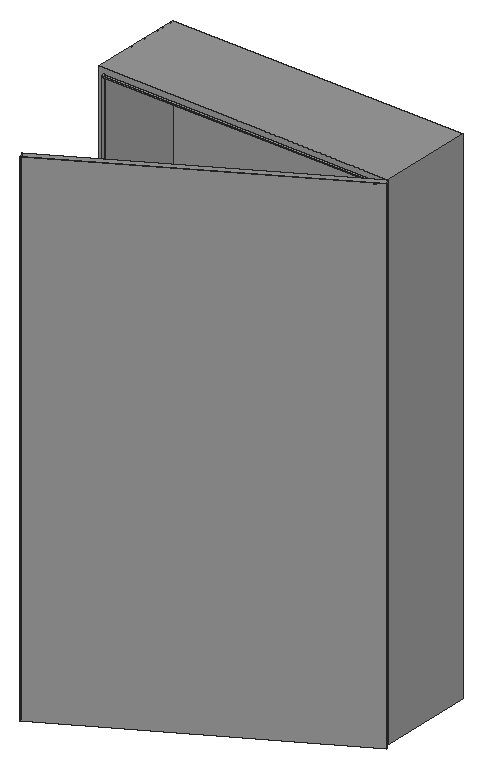
Revit family "Hager-Univers-IP55-D275-H1400-Cl.I-Steel_encl-NoHosted-NL-en", category Equipement électrique, Revit 2020
Family settings
  Configuration du panneau = Deux colonnes, circuits au sein
  Cote de connecteur circulaire = Utiliser le diamètre
  Type d'élément = Tableau de raccordement
  Basée sur le plan de construction = Oui
  Toujours verticalement = Oui
  Couper avec des vides une fois chargée = Non
  Partagée = Non
  Point de calcul de pièce = Non
Parameters (values of type "Surface mounted (plaster) IP55 W800 H1400 D275  - FR93E")
  Width Control [instance] = if([EF000008 - Width] > Min Width, [EF000008 - Width], Min Width)  # 800 mm
  Commentaires du type = [HG000003 - Range]  # "Univers"
  Thickness Door [instance] = if([EF009171 - Material plate thickness door/cover] > 3 mm, 3 mm, [EF009171 - Material plate thickness door/cover])  # 1.5 mm
  Seal Frame Offset [instance] = 17 mm  # constant formula
  Plinth Visibility [instance] = [HG000027 - Plinth height] > 0 mm  # no
  Min Width [instance] = 100 mm  # constant formula
  Min Depth [instance] = (2 * [EF009170 - Material plate thickness cabinet]) + 1 mm  # 4 mm
  Min Height [instance] = 100 mm  # constant formula
  Internal Frame Depth [instance] = (Door System Depth * 0.5)  # 9 mm
  Panel Name [instance] = ""  # (empty or 0)
  Model = ""
  HG000027 - Plinth height = 0 mm
  HG000026 - Floor standing = no
  HG000024 - Bottom section height = 600 mm
  HG000023 - Double section enclosure = no
  HG000016 - Door 3d visibility [instance] = yes
  HG000015 - Clearance visibility [instance] = no
  HG000014 - Door on the right [instance] = yes
  HG000013 - Door on the left [instance] = not([HG000014 - Door on the right])  # no
  HG000012 - Door swing angle [instance] = 30.00°
  HG000010 - Asymmetric doors = no
  HG000009 - Double swing door = no
  HG000006 - Flush mounted = no
  HG000004 - Manufacturer reference = "FR93E"
  HG000003 - Range = "Univers"
  HG000002 - With door or cover = yes
  Frame Offset Bottom [instance] = 10 mm  # constant formula
  Frame Offset [instance] = 15 mm  # constant formula
  EF015940 - Cover with overpressure release = no
  EF011959 - Degree of protection (NEMA) = ""
  EF009554 - Number of openings for flange plates = 6
  EF009212 - Cover model = "EV000116 - Closed"
  EF009171 - Material plate thickness door/cover = 1.5 mm
  EF009170 - Material plate thickness cabinet = 1.5 mm
  EF008873 - Nominal current (In) = 800 A
  EF007800 - Suitable for lightning protection = no
  EF006306 - With lock = no
  EF006244 - Transparent cover/door = no
  EF005474 - Degree of protection (IP) = "EV006420 - IP55"
  EF004464 - Type of door = "EV002646 - Single"
  EF004427 - Number of modules = 324
  EF004293 - Impact strength = "EV008784 - IK10"
  EF003532 - Suitable for outdoor use = no
  EF002950 - Width in number of modular spacings = 24
  EF001613 - Circuit integrity = "EV000494 - None"
  EF001596 - Material housing = "EV000179 - Steel"
  EF001131 - Internal depth = 275 mm
  EF001088 - Extension possible = yes
  EF000437 - Number of conduit inlets = 6
  EF000339 - Type of cover = "EV004216 - Door"
  EF000266 - Number of rows = 9
  EF000218 - Built-in depth = 0 mm
  EF000118 - With mounting plate = no
  EF000116 - RAL-number = "7035"
  EF000049 - Depth = 275 mm
  EF000040 - Height = 1400 mm
  EF000008 - Width = 800 mm
  EF000007 - Colour = "EV000270 - Grey"
  EF000003 - Mounting method = "EV000384 - Surface mounted (plaster)"
  Door System Leaf Tolerance [instance] = 1.5 mm  # constant formula
  Door System Depth [instance] = 18 mm  # constant formula
  Door Height [instance] = Height Control - [HG000027 - Plinth height]  # 1400 mm
  Description = ""
  Default Elevation = 1219.2 mm
  Connector Offset [instance] = Height Control / 2  # 700 mm
  Fabricant = "Hager"  # constant formula
  Height Control [instance] = if([EF000040 - Height] > Min Height, [EF000040 - Height], Min Height)  # 1400 mm
  Depth Control [instance] = if([EF000049 - Depth] > Min Depth, [EF000049 - Depth], Min Depth)  # 275 mm
  Bottom Top Plate Trim [instance] = 1.5 mm  # constant formula
  Plinth height Ctrl [instance] = if([HG000027 - Plinth height] > 0 mm, [HG000027 - Plinth height], 12 mm)  # 12 mm
Types (5, lengths in mm): name | Width Control | HG000010 - Asymmetric doors | HG000009 - Double swing door | HG000004 - Manufacturer reference | EF009554 - Number of openings for flange plates | EF004464 - Type of door | EF004427 - Number of modules | EF000437 - Number of conduit inlets | EF000008 - Width
  Surface mounted (plaster) IP55 W1050 H1400 D275  - FR94E | 1050 | no | yes | "FR94E" | 8 | "EV003602 - Double" | 432 | 8 | 1050
  Surface mounted (plaster) IP55 W1300 H1400 D275  - FR95E | 1300 | yes | yes | "FR95E" | 10 | "EV003602 - Double" | 540 | 10 | 1300
  Surface mounted (plaster) IP55 W300 H1400 D275  - FR91E | 300 | no | no | "FR91E" | 2 | "EV002646 - Single" | 108 | 2 | 300
  Surface mounted (plaster) IP55 W550 H1400 D275  - FR92E | 550 | no | no | "FR92E" | 4 | "EV002646 - Single" | 216 | 4 | 550
  Surface mounted (plaster) IP55 W800 H1400 D275  - FR93E | 800 | no | no | "FR93E" | 6 | "EV002646 - Single" | 324 | 6 | 800
Reference planes
  plane 1 "Center (Front/Back)": y = 0
  plane 2: z = 0
  plane 3 "Center (Left/Right)": x = 0
  plane 4: y = 0
  plane 5: y = 0
  plane 6: z = 0
  plane 7: x = -400
  plane 8: x = 400
  plane 9: x = 398.5
  plane 10: x = -398.5
  plane 11: z = 0
  plane 12: z = 1.5
  plane 13: y = -275
  plane 14: y = -1.5
  plane 15: x = 0
  plane 16: y = -257
  plane 17: y = -273.5
  plane 18: y = -255.5
  plane 19: x = -383.5
  plane 20: x = 383.5
  plane 21: z = 11.5
  plane 22: x = -383
  plane 23: x = 383
  plane 24: z = 0
  plane 25: z = 1400
  plane 26: z = 1400
  plane 27: z = 1383.5
  plane 28: z = 1398.5
Forms (mm)
  Extrusion 1, solid, material "Hager_Steel_RAL7035_Light_Grey", detail levels medium+fine
    sketch origin (-208.679, -4572, 0) x (-1, 0, 0) y (0, -1, 0)
      loop
        line (191.321, -4315) -> (-608.679, -4315) -> (-608.679, -4572) -> (191.321, -4572) -> (191.321, -4315)
    from 0 to 1400
  Extrusion 2, void
    sketch origin (-350.771, -275, 1219.2) x (1, 0, 0) y (0, 0, 1)
      loop
        line (-47.729, 179.3) -> (-47.729, -1217.7) -> (749.271, -1217.7) -> (749.271, 179.3) -> (-47.729, 179.3)
    from -19.5 to -273.5
  Extrusion 3, void
    sketch origin (-290.084, -257, 1219.2) x (1, 0, 0) y (0, 0, 1)
      loop
        line (-93.416, -1207.7) -> (673.584, -1207.7) -> (673.584, 164.3) -> (-93.416, 164.3) -> (-93.416, -1207.7)
    from 0 to -1.5
  Extrusion 4, solid, material "Hager_Steel_RAL7035_Light_Grey", visible <- "Plinth Visibility", detail levels medium+fine
    sketch origin (0, 0, 0) x (1, 0, 0) y (0, 1, 0)
      loop
        line (-400, 0) -> (-400, -257) -> (400, -257) -> (400, 0) -> (-400, 0)
    from 0 to 12 <- "Plinth height Ctrl"
  Extrusion 5, solid, material "Hager_Steel_RAL7035_Light_Grey", detail levels coarse
    sketch origin (0, 0, 0) x (1, 0, 0) y (0, 1, 0)
      loop
        line (-400, 0) -> (-400, -275) -> (400, -275) -> (400, 0) -> (-400, 0)
    from 0 to 1400 <- "Height Control"
  Sweep 6, void
    path in 3D
      loop
        line (-400, -257, 12) -> (400, -257, 12) -> (400, 0, 12) -> (-400, 0, 12) -> (-400, -257, 12)
    profile origin (-400, -128.5, 12) x (1, 0, 0) y (0, 0, 1)
      loop
        line (0, 0) -> (0, -1.5) -> (1.5, -1.5)
        arc (1.5, -1.5) -> (1.061, -0.439) -> (0, 0) r 1.5
  Extrusion 7, solid, material "Hager_Steel_RAL7035_Light_Grey", detail levels fine
    sketch origin (-400, -257, 0) x (1, 0, 0) y (0, 0, 1)
      loop
        line (16.5, 11.5) -> (783.5, 11.5) -> (783.5, 1383.5) -> (16.5, 1383.5) -> (16.5, 11.5)
      loop
        line (15, 10) -> (785, 10) -> (785, 1385) -> (15, 1385) -> (15, 10)
    from 0 to 9 <- "Internal Frame Depth"
Cuts and joins
  Extrusion 2, Extrusion 3 cuts Extrusion 1
  Sweep 6 cuts Extrusion 4
Lines and regions (mm)
  Masking region 1
    outline origin (0, 0, 0) x (1, 0, 0) y (0, 1, 0)
      loop
        line (-400, 0) -> (-400, -275) -> (400, -275) -> (400, 0) -> (-400, 0)
  Masking region 2, detail levels coarse
    outline origin (-290.084, -257, 1219.2) x (-1, 0, 0) y (0, 0, 1)
      loop
        line (-690.084, -1219.2) -> (109.916, -1219.2) -> (109.916, 180.8) -> (-690.084, 180.8) -> (-690.084, -1219.2)
  Masking region 3, detail levels coarse
    outline origin (0, 0, 0) x (0, 1, 0) y (0, 0, 1)
      loop
        line (0, 0) -> (0, 1400) -> (-275, 1400) -> (-275, 0) -> (0, 0)
  Masking region 4, visible <- "Plinth Visibility", detail levels medium+fine
    outline origin (0, 0, 0) x (0, 1, 0) y (0, 0, 1)
      loop
        line (-1.5, 12) -> (-255.5, 12)
        arc (-255.5, 12) -> (-255.939, 10.939) -> (-257, 10.5) r 1.5
        line (-257, 10.5) -> (-257, 0) -> (0, 0) -> (0, 10.5)
        arc (0, 10.5) -> (-1.061, 10.939) -> (-1.5, 12) r 1.5
  Masking region 5, detail levels medium+fine
    outline origin (0, 0, 594.038) x (0, 1, 0) y (0, 0, 1)
      loop
        line (0, -594.038) -> (0, 805.962) -> (-257, 805.962) -> (-257, -594.038) -> (0, -594.038)
  Masking region 6, detail levels medium+fine
    outline origin (-359.7, -257, 1211.883) x (-1, 0, 0) y (0, 0, 1)
      loop
        line (-759.7, -1211.883) -> (40.3, -1211.883) -> (40.3, 188.117) -> (-759.7, 188.117) -> (-759.7, -1211.883)
  Masking region 7, visible <- "Plinth Visibility", detail levels medium+fine
    outline origin (-320.334, -257, 1041.368) x (-1, 0, 0) y (0, 0, 1)
      loop
        line (-720.334, -1041.368) -> (79.666, -1041.368) -> (79.666, -1030.868)
        arc (79.666, -1030.868) -> (78.606, -1030.429) -> (78.166, -1029.368) r 1.5
        line (78.166, -1029.368) -> (-718.834, -1029.368)
        arc (-718.834, -1029.368) -> (-719.273, -1030.429) -> (-720.334, -1030.868) r 1.5
        line (-720.334, -1030.868) -> (-720.334, -1041.368)
  sketch lines
    curve 1: line (-400, 0, 12) -> (-400, -257, 12)
    curve 2: line (-400, -257, 12) -> (400, -257, 12)
    curve 3: line (400, 0, 12) -> (-400, 0, 12)
    curve 4: line (400, -257, 12) -> (400, 0, 12)
Dimensions and locks
  locked: plane 1 "Center (Front/Back)" to plane 5
  "EF009170 - Material plate thickness cabinet": plane 7 to plane 10
  "EF009170 - Material plate thickness cabinet": plane 8 to plane 9
  equal spacing: plane 7, plane 3 "Center (Left/Right)", plane 8
  "Width Control": plane 7 to plane 8
  "Depth Control": plane 4 to plane 13
  "EF009170 - Material plate thickness cabinet": plane 4 to plane 14
  "Height Control": plane 25 to level
  "HG000027 - Plinth height": plane 11 to level
  "EF009170 - Material plate thickness cabinet": plane 12 to plane 11
  "EF009170 - Material plate thickness cabinet": plane 17 to plane 13
  "EF009170 - Material plate thickness cabinet": plane 18 to plane 16
  "Frame Offset Bottom": plane 21 to plane 12
  "Frame Offset": plane 10 to plane 19
  "Frame Offset": plane 9 to plane 20
  "Door System Depth": plane 16 to plane 13
  "Seal Frame Offset": plane 7 to plane 22
  "Seal Frame Offset": plane 8 to plane 23
  "EF009170 - Material plate thickness cabinet": plane 26 to plane 28
  "Frame Offset": plane 28 to plane 27
  "Connector Offset": plane 2 to connector elem
  "Bottom Top Plate Trim": profile plane to Sweep 6 sketch curve
  "Bottom Top Plate Trim": Sweep 6 sketch curve to Sweep 6 sketch curve
  "Plinth height Ctrl": Masking region 4 sketch curve to level
  "Plinth height Ctrl": Masking region 7 sketch curve to level
  "Thickness Door": Extrusion 7 sketch curve to Extrusion 7 sketch curve  (x4)
  "Bottom Top Plate Trim": radius of Sweep 6 sketch curve
  "Bottom Top Plate Trim": radius of Masking region 4 sketch curve  (x2)
  "Bottom Top Plate Trim": radius of Masking region 7 sketch curve  (x2)
  aligned and locked: Extrusion 2 sketch curve to plane 12
  aligned and locked: Extrusion 2 sketch curve to plane 9
  aligned and locked: Extrusion 2 sketch curve to plane 10
  aligned and locked: Extrusion 2 to plane 14
  aligned and locked: Extrusion 1 sketch curve to plane 4
  aligned and locked: plane 8 to Extrusion 1 sketch curve
  aligned and locked: plane 7 to Extrusion 1 sketch curve
  aligned and locked: Extrusion 2 to plane 18
  aligned and locked: Extrusion 3 sketch curve to plane 19
  aligned and locked: plane 20 to Extrusion 3 sketch curve
  aligned and locked: Extrusion 3 to Extrusion 2
  aligned and locked: Extrusion 3 sketch curve to plane 21
  aligned and locked: plane 3 "Center (Left/Right)" to nested 1
  aligned and locked: Extrusion 1 sketch curve to plane 16
  aligned and locked: Extrusion 4 sketch curve to cut or joined group of Extrusion 1, Extrusion 2, Extrusion 3
  aligned and locked: Masking region 1 sketch curve to plane 7
  aligned and locked: Masking region 1 sketch curve to plane 5
  aligned and locked: Masking region 1 sketch curve to plane 8
  aligned and locked: Masking region 2 sketch curve to level
  aligned and locked: level to Masking region 3 sketch curve
  aligned and locked: plane 1 "Center (Front/Back)" to Masking region 3 sketch curve
  aligned and locked: plane 13 to Masking region 3 sketch curve
  aligned and locked: plane 5 to Masking region 4 sketch curve
  aligned and locked: Masking region 2 sketch curve to plane 8
  aligned and locked: Masking region 2 sketch curve to plane 7
  aligned and locked: plane 7 to nested 2
  aligned and locked: nested 2 to plane 5
  aligned and locked: plane 5 to Masking region 5 sketch curve
  aligned and locked: plane 26 to Masking region 5 sketch curve
  aligned and locked: Extrusion 5 sketch curve to plane 8
  aligned and locked: Extrusion 5 sketch curve to plane 7
  aligned and locked: Extrusion 5 sketch curve to plane 5
  aligned and locked: Extrusion 3 sketch curve to plane 27
  aligned and locked: Extrusion 2 sketch curve to plane 28
  aligned and locked: Masking region 2 to plane 25
  aligned and locked: Extrusion 4 to plane 16
  aligned and locked: profile plane to Sweep 6 sketch curve
  aligned and locked: Masking region 5 sketch curve to plane 24
  aligned and locked: level to Masking region 4 sketch curve
  aligned and locked: Masking region 1 to plane 13
  aligned and locked: nested 1 to plane 16
  aligned and locked: Masking region 3 to plane 25
  aligned and locked: plane 16 to Masking region 4 sketch curve
  aligned and locked: Masking region 5 sketch curve to plane 16
  aligned and locked: plane 24 to plane 11
  aligned and locked: plane 26 to plane 25
  aligned and locked: plane 26 to cut or joined group of Extrusion 1, Extrusion 2, Extrusion 3
  aligned and locked: nested 1 to plane 24
  aligned and locked: Extrusion 1 to Extrusion 3
  aligned and locked: Masking region 6 sketch curve to plane 8
  aligned and locked: Masking region 6 sketch curve to plane 24
  aligned and locked: Masking region 6 sketch curve to plane 7
  aligned and locked: Masking region 6 sketch curve to plane 26
  aligned and locked: Masking region 7 sketch curve to plane 7
  aligned and locked: level to Masking region 7 sketch curve
  aligned and locked: Masking region 7 sketch curve to plane 8
  aligned and locked: Extrusion 7 sketch curve to cut or joined group of Extrusion 1, Extrusion 2, Extrusion 3  (x4)
Automatic sketch dimensions
  plane 19 to Extrusion 3 sketch curve = 0 mm
  Extrusion 3 sketch curve to plane 20 = 0 mm
  Extrusion 3 sketch curve to plane 21 = 0 mm
  Extrusion 4 sketch curve to plane 7 = 0 mm
  Extrusion 4 sketch curve to plane 8 = 0 mm
  Extrusion 4 sketch curve to plane 16 = 0 mm
  Masking region 1 sketch curve to plane 13 = 0 mm
  Masking region 2 sketch curve to plane 25 = 0 mm
  Masking region 3 sketch curve to plane 25 = 0 mm
  Extrusion 5 sketch curve to plane 13 = 0 mm
  profile plane to Sweep 6 sketch curve = 0 mm
Nested families
  nested 1: "EC000058_Univers_Door" at (0, -257, 0), Double <- "HG000009 - Double swing door", Transparent <- "EF006244 - Transparent cover/door", Angle <- "HG000012 - Door swing angle", Door_Right <- "HG000014 - Door on the right", Assymetrical <- "HG000010 - Asymmetric doors", Door <- "HG000002 - With door or cover", Width_Ctrl <- "Width Control", 3d_Door <- "HG000016 - Door 3d visibility", Clearance <- "HG000015 - Clearance visibility", Door_Left <- "HG000013 - Door on the left", Width <- "Width Control", Door_Depth <- "Door System Depth", Leaf_Tolerance <- "Door System Leaf Tolerance", Height <- "Door Height", Lock_Visibility <- "EF006306 - With lock", Thickness <- "Thickness Door", type "EC000058_Univers_Door", detail levels medium+fine
    with min_wh 4 mm, Width_Ctrl 800 mm, Width 800 mm, Transparent no, Thickness 1.5 mm, Seal_Material Hager_Rubber, Lock_Visibility no, Lock_Material Hager_Plastic_RAL9005_Jet_Black, Leaf_Width 800 mm, Leaf_Tolerance_External_Sides 0 mm, Leaf_Tolerance 1.5 mm, Leaf_Offset 0 mm, Leaf_Height 1397 mm, Leaf_2_Width 800 mm, Leaf_2_Offset 400 mm, Leaf_1_Width 800 mm, Leaf_1_Offset 400 mm, Height_Ctrl 1400 mm, Height 1400 mm, Glass_Material Hager_Glass, Double_Clearance_Ctrl no, Double no, Door_Right_Ctrl yes, Door_Right yes, Door_Material Hager_Steel_RAL7035_Light_Grey, Door_Left_Ctrl no, Door_Left no, Door_Depth 18 mm, Door yes, Clearance_Material Hager_Clearance, Clearance_Depth 800 mm, Clearance_Ctrl no, Clearance no, Assymetrical no, Angle 30.00°, 3d_Door yes
  nested 2: "Hager_Enclosure_Symbol" at (-400, 0, 0), Height <- "Depth Control", Width <- "Width Control", type "Hager_Enclosure_Symbol"
    with Width_Ctrl 800 mm, Width 800 mm, Height_Ctrl 275 mm, Height 275 mm, A_Width_Int 18.047 mm, A_Width 216.562 mm, A_Height_Ctrl 240.625 mm, A_Height 240.625 mm
Connectors
  electrical at (0, 0, 700)
    settings: on plane 1 "Center (Front/Back)", index 1, voltage 0 V, apparent load 0 VA, apparent load phase1 0 VA, apparent load phase2 0 VA, apparent load phase3 0 VA, power factor 1, load classification "Other", number of poles 1, system type 30, power factor state 1, is connector primary yes, connector utility no, sub classification motor no, connector description ""
Definition of nested family "EC000058_Univers_Door"
  Parameters (values of type "EC000058_Univers_Door")
    min_wh [instance] = (2 * Thickness) + 1 mm  # 11 mm
    Width_Ctrl [instance] = 400 mm
    Width [instance] = 500 mm
    Transparent [instance] = yes
    Thickness [instance] = 5 mm
    Seal_Material [instance] = none
    Lock_Visibility [instance] = yes
    Lock_Material [instance] = none
    Leaf_Width [instance] = if((Width_Ctrl - 2 * Leaf_Tolerance_External_Sides) > 0 mm, (Width_Ctrl - 2 * Leaf_Tolerance_External_Sides), min_wh)  # 400 mm
    Leaf_Tolerance_External_Sides [instance] = 0 mm  # constant formula
    Leaf_Tolerance [instance] = 1.5 mm
    Leaf_Offset [instance] = 0 mm  # constant formula
    Leaf_Height [instance] = if((Height_Ctrl - 2 * Leaf_Tolerance) > 0 mm, (Height_Ctrl - 2 * Leaf_Tolerance), min_wh)  # 497 mm
    Leaf_2_Width [instance] = if(and(and(Double, Assymetrical), Door_Left), (Leaf_Width / 3) - (Leaf_Tolerance / 2), if(and(and(Double, Assymetrical), Door_Right), (Leaf_Width / 3) * 2 - (Leaf_Tolerance / 2), if(and(Double, not(Assymetrical)), (Leaf_Width / 2) - Leaf_Tolerance, Leaf_Width)))  # 400 mm
    Leaf_2_Offset [instance] = if(and(Double, Assymetrical), Leaf_2_Width / 2, if(and(Double, not(Assymetrical)), Leaf_Width / 4, Leaf_Width / 2))  # 200 mm
    Leaf_1_Width [instance] = if(and(and(Double, Assymetrical), Door_Right), (Leaf_Width / 3) - (Leaf_Tolerance / 2), if(and(and(Double, Assymetrical), Door_Left), (Width / 3) * 2 - (Leaf_Tolerance / 2), if(and(Double, not(Assymetrical)), (Leaf_Width / 2) - Leaf_Tolerance, Leaf_Width)))  # 400 mm
    Leaf_1_Offset [instance] = if(and(Double, Assymetrical), Leaf_1_Width / 2, if(and(Double, not(Assymetrical)), Leaf_Width / 4, Leaf_Width / 2))  # 200 mm
    Height_Ctrl [instance] = if(Height > min_wh, Height, min_wh)  # 500 mm
    Height [instance] = 500 mm
    Glass_Material [instance] = none
    Double_Clearance_Ctrl [instance] = and(Double, Clearance)  # no
    Double [instance] = no
    Door_Right_Ctrl [instance] = and(or(Door_Right, Double), Door)  # yes
    Door_Right [instance] = yes
    Door_Material [instance] = none
    Door_Left_Ctrl [instance] = and(or(Door_Left, Double), Door)  # no
    Door_Left [instance] = no
    Door_Depth [instance] = 30 mm
    Door [instance] = yes
    Default Elevation = 1219.2 mm
    Clearance_Material [instance] = none
    Clearance_Depth [instance] = if(Leaf_1_Width > Leaf_2_Width, Leaf_1_Width, Leaf_2_Width)  # 400 mm
    Clearance_Ctrl [instance] = and(not(Double), Clearance)  # yes
    Clearance [instance] = yes
    Assymetrical [instance] = yes
    Angle [instance] = 30.00°
    3d_Door [instance] = yes
  Reference planes
    plane 1 "Center (Front/Back)": y = 0
    plane 2 "Bottom": z = 0
    plane 3 "Center (Left/Right)": x = 0
    plane 4: z = 500
    plane 5: x = -200
    plane 6: x = 200
    plane 7: z = 500
    plane 8: x = -200
    plane 9: z = 0
    plane 10: x = 200
    plane 11: y = 0
    plane 12: z = 1.5
    plane 13: x = -600
    plane 14: y = -400
    plane 15: x = 600
    plane 16: x = 0
    plane 17: x = 0
    plane 18: x = -200
    plane 19: x = 200
    plane 20: z = 498.5
  Forms (mm)
    Extrusion 1, solid, material <- "Clearance_Material", visible <- "Double_Clearance_Ctrl"
      sketch origin (1200, 0, 0) x (1, 0, 0) y (0, 0, -1)
        loop
          line (-1800, -498.5) -> (-600, -498.5) -> (-600, 0) -> (-1800, 0) -> (-1800, -498.5)
      from 0 to -400
  Dimensions and locks
    equal spacing: plane 5, plane 3 "Center (Left/Right)", plane 6
    "Width_Ctrl": plane 5 to plane 6
    "Leaf_Offset": plane 5 to plane 8
    "Leaf_Offset": plane 6 to plane 10
    "Leaf_Offset": plane 9 to level
    "Leaf_Offset": plane 4 to plane 7
    "Height_Ctrl": plane 4 to level
    "Leaf_Tolerance": plane 12 to plane 9
    locked: plane 11 to plane 1 "Center (Front/Back)"
    "Leaf_1_Offset": plane 18 to plane 16
    "Leaf_2_Offset": plane 17 to plane 19
    "Leaf_1_Width": plane 13 to plane 8
    "Leaf_2_Width": plane 10 to plane 15
    "Clearance_Depth": plane 14 to plane 1 "Center (Front/Back)"
    "Leaf_Tolerance_External_Sides": plane 8 to plane 18
    "Leaf_Tolerance_External_Sides": plane 19 to plane 10
    "Leaf_Tolerance": plane 7 to plane 20
    aligned and locked: level to plane 2 "Bottom"
    aligned and locked: nested 1 to plane 16
    aligned and locked: nested 2 to plane 17
    aligned and locked: Extrusion 1 to plane 13
    aligned and locked: plane 15 to Extrusion 1
    aligned and locked: Extrusion 1 to plane 14
    aligned and locked: plane 12 to nested 1
    aligned and locked: nested 2 to plane 12
    aligned and locked: Extrusion 1 to plane 11
    aligned and locked: plane 20 to Extrusion 1
    aligned and locked: nested 2 to plane 11
    aligned and locked: nested 1 to plane 11
  Automatic sketch dimensions
    Extrusion 1 sketch curve to level = 0 mm
    plane 5 to Extrusion 1 sketch curve = 400 mm
    plane 6 to Extrusion 1 sketch curve = 400 mm
    Extrusion 1 sketch curve to plane 4 = 1.5 mm
  Nested families
    nested 1: "EC000058_Univers_Door_Leaf" at (0, 0, 1.5), Width <- "Leaf_1_Width", visible <- "Door_Left_Ctrl", Leaf_Height <- "Leaf_Height", Angle <- "Angle", 3d_Door <- "3d_Door", Transparent <- "Transparent", Clearance Material <- "Clearance_Material", Clearance <- "Clearance_Ctrl", Door_Material <- "Door_Material", Glass_Material <- "Glass_Material", Door_Depth <- "Door_Depth", Lock_Material <- "Lock_Material", Seal_Material <- "Seal_Material", Lock_Visibility <- "Lock_Visibility", Thickness <- "Thickness", type "EC000058_Univers_Door_Leaf"
      with Width 400 mm, Transparent_Glass_Offset 30 mm, Transparent_Ctrl yes, Transparent yes, Thickness 5 mm, Standard no, Seal_Material none, Seal_D2 8 mm, Seal_D1 1 mm, Offset_Internal_Frame 10 mm, Lock_Width 20 mm, Lock_Visibility_3d yes, Lock_Visibility yes, Lock_Thickness_3 3 mm, Lock_Thickness_2 1 mm, Lock_Thickness_1 3 mm, Lock_Radius_Offset_2 16 mm, Lock_Radius_Offset_1 15 mm, Lock_Radius_2 5 mm, Lock_Radius 6 mm, Lock_Offset 5 mm, Lock_Material none, Lock_Height 80 mm, Lock_Cover_Top_Offset_2d 17 mm, Lock_Cover_Height -65 mm, Leaf_Height 497 mm, Internal_Seal_Thickness 8 mm, Internal_Seal_Depth_2 4.5 mm, Internal_Frame_Depth 25 mm, Glass_Thickness -1 mm, Glass_Offset -2 mm, Glass_Material none, Door_Material none, Door_Depth 30 mm, Clearance Material none, Clearance yes, Angle_Ctrl 30.00°, Angle 30.00°, 3d_Door yes
    nested 2: "EC000058_Univers_Door_Leaf" at (0, 0, 1.5) x (-1, 0, 0) z (0, 0, 1), Width <- "Leaf_2_Width", visible <- "Door_Right_Ctrl", Leaf_Height <- "Leaf_Height", Angle <- "Angle", 3d_Door <- "3d_Door", Transparent <- "Transparent", Clearance Material <- "Clearance_Material", Clearance <- "Clearance_Ctrl", Door_Material <- "Door_Material", Glass_Material <- "Glass_Material", Door_Depth <- "Door_Depth", Lock_Material <- "Lock_Material", Seal_Material <- "Seal_Material", Lock_Visibility <- "Lock_Visibility", Thickness <- "Thickness", type "EC000058_Univers_Door_Leaf"
      with Width 400 mm, Transparent_Glass_Offset 30 mm, Transparent_Ctrl yes, Transparent yes, Thickness 5 mm, Standard no, Seal_Material none, Seal_D2 8 mm, Seal_D1 1 mm, Offset_Internal_Frame 10 mm, Lock_Width 20 mm, Lock_Visibility_3d yes, Lock_Visibility yes, Lock_Thickness_3 3 mm, Lock_Thickness_2 1 mm, Lock_Thickness_1 3 mm, Lock_Radius_Offset_2 16 mm, Lock_Radius_Offset_1 15 mm, Lock_Radius_2 5 mm, Lock_Radius 6 mm, Lock_Offset 5 mm, Lock_Material none, Lock_Height 80 mm, Lock_Cover_Top_Offset_2d 17 mm, Lock_Cover_Height -65 mm, Leaf_Height 497 mm, Internal_Seal_Thickness 8 mm, Internal_Seal_Depth_2 4.5 mm, Internal_Frame_Depth 25 mm, Glass_Thickness -1 mm, Glass_Offset -2 mm, Glass_Material none, Door_Material none, Door_Depth 30 mm, Clearance Material none, Clearance yes, Angle_Ctrl 30.00°, Angle 30.00°, 3d_Door yes
  Definition of nested family "EC000058_Univers_Door_Leaf"
    Parameters (values of type "EC000058_Univers_Door_Leaf")
      Width [instance] = 2000 mm
      Transparent_Glass_Offset [instance] = 30 mm
      Transparent_Ctrl [instance] = and(Transparent, [3d_Door])  # yes
      Transparent [instance] = yes
      Thickness [instance] = 5 mm
      Standard [instance] = and(not(Transparent), [3d_Door])  # no
      Seal_Material [instance] = none
      Seal_D2 [instance] = 8 mm  # constant formula
      Seal_D1 [instance] = 1 mm  # constant formula
      Offset_Internal_Frame [instance] = 10 mm  # constant formula
      Lock_Width [instance] = 20 mm  # constant formula
      Lock_Visibility_3d [instance] = and(Lock_Visibility, [3d_Door])  # yes
      Lock_Visibility [instance] = yes
      Lock_Thickness_3 [instance] = 3 mm  # constant formula
      Lock_Thickness_2 [instance] = 1 mm  # constant formula
      Lock_Thickness_1 [instance] = 3 mm  # constant formula
      Lock_Radius_Offset_2 [instance] = Lock_Radius_Offset_1 + 1 mm  # 16 mm
      Lock_Radius_Offset_1 [instance] = 15 mm  # constant formula
      Lock_Radius_2 [instance] = Lock_Radius - 1 mm  # 5 mm
      Lock_Radius [instance] = 6 mm  # constant formula
      Lock_Offset [instance] = 5 mm  # constant formula
      Lock_Material [instance] = none
      Lock_Height [instance] = 80 mm  # constant formula
      Lock_Cover_Top_Offset_2d [instance] = Lock_Radius_Offset_2 + 1 mm  # 17 mm
      Lock_Cover_Height [instance] = -(Lock_Height - Lock_Radius_Offset_1)  # -65 mm
      Leaf_Height [instance] = 2720.336 mm
      Internal_Seal_Thickness [instance] = 8 mm  # constant formula
      Internal_Seal_Depth_2 [instance] = 4.5 mm  # constant formula
      Internal_Frame_Depth [instance] = if(Door_Depth - Thickness > 5 mm, Door_Depth - Thickness, 5 mm)  # 25 mm
      Glass_Thickness [instance] = if(Thickness > 15 mm, Glass_Offset + 10 mm, -1 mm)  # -1 mm
      Glass_Offset [instance] = if(Thickness > 15 mm, -(Thickness + 10 mm) / 2, -2 mm)  # -2 mm
      Glass_Material [instance] = none
      Door_Material [instance] = none
      Door_Depth [instance] = 30 mm
      Default Elevation = 0 mm
      Clearance Material [instance] = none
      Clearance [instance] = yes
      Angle_Ctrl [instance] = if(Angle > 180.00°, 180.00°, Angle)  # 90.00°
      Angle [instance] = 90.00°
      3d_Door [instance] = yes
    Reference planes
      plane 1 "Center (Front/Back)": y = 0
      plane 2: z = 0
      plane 3 "Center (Left/Right)": x = 0
      plane 4: y = 2000
      plane 5: x = -1000
      plane 6: x = 1000
      plane 7: x = -3000
      plane 8: z = 2720.336
      plane 9: z = 30
      plane 10: z = 2690.336
      plane 11: x = 970
      plane 12: x = -970
      plane 13: y = -3
      plane 14: z = 107.833
      plane 15: y = -5
      plane 16: y = -223.314
      plane 17: x = -1000
      plane 18: z = 1360.168
      plane 19: y = 30
    Forms (mm)
      Extrusion 1, solid, material <- "Clearance Material", visible <- "Clearance"
        sketch origin (0, 0, 0) x (1, 0, 0) y (0, 0, 1)
          loop
            line (-3000, 2720.336) -> (-3000, 0) -> (1000, 0) -> (1000, 2720.336) -> (-3000, 2720.336)
        from 0 to -2000
      Extrusion 2, solid, material <- "Door_Material", visible <- "Standard", detail levels medium+fine
        sketch origin (-1000, 0, 0) x (0, 1, 0) y (-1, 0, 0)
          loop
            line (0, 30) -> (0, 25) -> (2000, 25) -> (2000, 30) -> (0, 30)
        from 0 to 2720.336 <- "Leaf_Height"
      Extrusion 3, solid, material <- "Door_Material", visible <- "Transparent_Ctrl", detail levels medium+fine
        sketch origin (-1000, 0, 0) x (0, 1, 0) y (-1, 0, 0)
          loop
            line (0, 25) -> (2000, 25) -> (2000, 30) -> (0, 30) -> (0, 25)
        from 0 to 2720.336 <- "Leaf_Height"
      Extrusion 4, void
        sketch origin (-1025, 2000, 0) x (0, 1, 0) y (0, 0, -1)
          loop
            line (-30, -2690.336) -> (-30, -30) -> (-1970, -30) -> (-1970, -2690.336) -> (-30, -2690.336)
        from 0 to 5 <- "Thickness"
      Sweep 5, solid, material <- "Seal_Material", visible <- "Transparent_Ctrl", detail levels fine
        path in 3D
          loop
            line (-1025, 30, 30) -> (-1025, 30, 2690.336) -> (-1025, 1970, 2690.336) -> (-1025, 1970, 30) -> (-1025, 30, 30)
        profile origin (-1025, 1000, 30) x (1, 0, 0) y (0, 0, 1)
          loop
            line (0, 0) -> (0, -8) -> (1, -8) -> (1, 0) -> (0, 0)
      Extrusion 6, solid, material <- "Glass_Material", visible <- "Transparent_Ctrl", detail levels medium+fine
        sketch origin (-1030, 0, 0) x (0, 1, 0) y (0, 0, -1)
          loop
            line (1970, -2690.336) -> (1970, -30) -> (30, -30) -> (30, -2690.336) -> (1970, -2690.336)
        from -2 <- "Glass_Offset" to -1 <- "Glass_Thickness"
      Extrusion 7, solid, material <- "Door_Material", visible <- "3d_Door", detail levels medium+fine
        sketch origin (-1025, 2000, 0) x (0, -1, 0) y (0, 0, -1)
          loop
            line (0, -2720.336) -> (2000, -2720.336) -> (2000, 0) -> (0, 0) -> (0, -2720.336)
          loop
            line (1995, -5) -> (5, -5) -> (5, -2715.336) -> (1995, -2715.336) -> (1995, -5)
        from 0 to 25 <- "Internal_Frame_Depth"
      Sweep 8, solid, material <- "Seal_Material", visible <- "Transparent_Ctrl", detail levels fine
        path in 3D
          loop
            line (-1025, 0, 0) -> (-1025, 2000, 0) -> (-1025, 2000, 2720.336) -> (-1025, 0, 2720.336) -> (-1025, 0, 0)
        profile origin (-1025, 0, 1360.168) x (1, 0, 0) y (0, 1, 0)
          loop
            line (0, 10) -> (2.975, 10)
            arc (2.975, 10) -> (4.053, 10.447) -> (4.5, 11.525) r 1.525
            line (4.5, 11.525) -> (4.5, 16.527)
            arc (4.5, 16.527) -> (4.069, 17.569) -> (3.027, 18) r 1.473
            line (3.027, 18) -> (0, 18) -> (0, 10)
      Extrusion 9, solid, material <- "Lock_Material", visible <- "Lock_Visibility_3d", detail levels fine
        sketch origin (-1030, 0, 0) x (0, 1, 0) y (0, 0, -1)
          loop
            arc (1993.5, -1400.168) -> (1994.561, -1399.729) -> (1995, -1398.668) r 1.5
            line (1995, -1398.668) -> (1995, -1320.168) -> (1975, -1320.168) -> (1975, -1398.668)
            arc (1975, -1398.668) -> (1975.439, -1399.729) -> (1976.5, -1400.168) r 1.5
            line (1976.5, -1400.168) -> (1993.5, -1400.168)
        from 3 <- "Lock_Thickness_1" to 0
      Blend 10, solid, material <- "Lock_Material", visible <- "Lock_Visibility_3d", detail levels fine
        base sketch origin (-1033, 0, 0) x (0, 1, 0) y (0, 0, -1)
          loop
            line (1975, -1320.168) -> (1975, -1398.668)
            arc (1975, -1398.668) -> (1975.439, -1399.729) -> (1976.5, -1400.168) r 1.5
            line (1976.5, -1400.168) -> (1993.5, -1400.168)
            arc (1993.5, -1400.168) -> (1994.561, -1399.729) -> (1995, -1398.668) r 1.5
            line (1995, -1398.668) -> (1995, -1320.168) -> (1975, -1320.168)
        top sketch origin (-1033, 0, 0) x (0, 1, 0) y (0, 0, -1)
          loop
            line (1976, -1320.168) -> (1976, -1398.668)
            arc (1976, -1398.668) -> (1976.146, -1399.022) -> (1976.5, -1399.168) r 0.5
            line (1976.5, -1399.168) -> (1993.5, -1399.168)
            arc (1993.5, -1399.168) -> (1993.854, -1399.022) -> (1994, -1398.668) r 0.5
            line (1994, -1398.668) -> (1994, -1320.168) -> (1976, -1320.168)
        from 0 to 1 <- "Lock_Thickness_2"
      Blend 11, solid, material <- "Lock_Material", visible <- "Lock_Visibility_3d", detail levels fine
        base sketch origin (-1034, 0, 0) x (0, 1, 0) y (0, 0, -1)
          loop
            line (1978, -1320.168) -> (1978, -1384.168)
            arc (1978, -1384.168) -> (1985, -1391.168) -> (1992, -1384.168) r 7
            line (1992, -1384.168) -> (1992, -1320.168) -> (1978, -1320.168)
        top sketch origin (-1034, 0, 0) x (0, 1, 0) y (0, 0, -1)
          loop
            line (1991, -1320.168) -> (1979, -1320.168) -> (1979, -1383.168)
            arc (1979, -1383.168) -> (1985, -1389.168) -> (1991, -1383.168) r 6
            line (1991, -1383.168) -> (1991, -1320.168)
        from 0 to 3 <- "Lock_Thickness_3"
      Extrusion 12, solid, material <- "Lock_Material", visible <- "Lock_Visibility_3d", detail levels fine
        sketch origin (-1030, 1975, 1320.168) x (1, 0, 0) y (0, -1, 0)
          loop
            line (-7, -19) -> (-7, -1) -> (0, -1) -> (0, 0) -> (-8, 0) -> (-8, -20) -> (0, -20) -> (0, -19) -> (-7, -19)
        from 0 to -65 <- "Lock_Cover_Height"
      Extrusion 13, void
        sketch origin (-1038, 1995, 1320.168) x (-1, 0, 0) y (0, 0, -1)
          loop
            line (-5, -65) -> (0, -65) -> (-5, -60) -> (-5, -65)
        from 0 to 20 <- "Lock_Width"
      Extrusion 14, void
        sketch origin (-1038, 1975, 1320.168) x (0, -1, 0) y (0, 0, -1)
          loop
            circle (-10, -15.995) r 6
          loop
            circle (-10, -15.995) r 5
        from 0 to 2
      Extrusion 15, solid, material <- "Lock_Material", visible <- "Lock_Visibility_3d", detail levels medium
        sketch origin (-1030, 0, 0) x (0, 1, 0) y (0, 0, -1)
          loop
            arc (1993.5, -1400.168) -> (1994.561, -1399.729) -> (1995, -1398.668) r 1.5
            line (1995, -1398.668) -> (1995, -1320.168) -> (1975, -1320.168) -> (1975, -1398.668)
            arc (1975, -1398.668) -> (1975.439, -1399.729) -> (1976.5, -1400.168) r 1.5
            line (1976.5, -1400.168) -> (1993.5, -1400.168)
        from 8 to 0
    Cuts and joins
      Extrusion 4 cuts Extrusion 3
      Extrusion 13, Extrusion 14 cuts Extrusion 9
      Extrusion 14 cuts Blend 11
      Extrusion 13, Extrusion 14 cuts Extrusion 12
      joined: Extrusion 9, Blend 10, Blend 11, Extrusion 12
      Extrusion 14 cuts Extrusion 15
    Lines and regions (mm)
      Masking region 1, visible <- "Lock_Visibility", detail levels fine
        outline origin (0, 0, 0) x (0, 1, 0) y (0, 0, 1)
          loop
            line (30, 1320.168) -> (33, 1320.168) -> (33, 1400.168) -> (30, 1400.168) -> (30, 1320.168)
      Masking region 2, visible <- "Lock_Visibility", detail levels fine
        outline origin (0, 3.143, 0) x (0, 1, 0) y (0, 0, 1)
          loop
            line (29.857, 1354.168) -> (30.857, 1354.168) -> (30.857, 1366.168) -> (29.857, 1366.168) -> (29.857, 1354.168)
      Masking region 3, detail levels medium+fine
        outline origin (0, 0, 0) x (0, 1, 0) y (0, 0, 1)
          loop
            line (0, 0) -> (30, 0) -> (30, 2720.336) -> (0, 2720.336) -> (0, 0)
      Masking region 4, detail levels medium+fine
        outline origin (0, 0, 0) x (1, 0, 0) y (0, 0, 1)
          loop
            line (-1000, 2720.336) -> (-1000, 0) -> (1000, 0) -> (1000, 2720.336) -> (-1000, 2720.336)
      Masking region 5, visible <- "Lock_Visibility", detail levels fine
        outline origin (-47.116, 0, 0) x (1, 0, 0) y (0, 0, 1)
          loop
            arc (1024.616, 1399.168) -> (1023.556, 1398.729) -> (1023.116, 1397.668) r 1.5
            line (1023.116, 1397.668) -> (1023.116, 1320.168) -> (1041.116, 1320.168) -> (1041.116, 1397.668)
            arc (1041.116, 1397.668) -> (1040.677, 1398.729) -> (1039.616, 1399.168) r 1.5
            line (1039.616, 1399.168) -> (1024.616, 1399.168)
      Masking region 6, visible <- "Lock_Visibility", detail levels medium+fine
        outline origin (-25, 0, 0) x (1, 0, 0) y (0, 0, 1)
          loop
            arc (1001.5, 1400.168) -> (1000.439, 1399.729) -> (1000, 1398.668) r 1.5
            line (1000, 1398.668) -> (1000, 1320.168) -> (1020, 1320.168) -> (1020, 1398.668)
            arc (1020, 1398.668) -> (1019.561, 1399.729) -> (1018.5, 1400.168) r 1.5
            line (1018.5, 1400.168) -> (1001.5, 1400.168)
      Masking region 7, visible <- "Lock_Visibility", detail levels fine
        outline origin (-73.735, 0, 0) x (1, 0, 0) y (0, 0, 1)
          loop
            line (1051.735, 1382.168) -> (1065.735, 1382.168) -> (1065.735, 1384.168)
            arc (1065.735, 1384.168) -> (1058.735, 1391.168) -> (1051.735, 1384.168) r 7
            line (1051.735, 1384.168) -> (1051.735, 1382.168)
      Masking region 8, visible <- "Lock_Visibility", detail levels fine
        outline origin (-73.735, 0, 0) x (1, 0, 0) y (0, 0, 1)
          loop
            line (1052.735, 1382.168) -> (1064.735, 1382.168) -> (1064.735, 1383.168)
            arc (1064.735, 1383.168) -> (1058.735, 1389.168) -> (1052.735, 1383.168) r 6
            line (1052.735, 1383.168) -> (1052.735, 1382.168)
      Masking region 9, visible <- "Lock_Visibility", detail levels fine
        outline origin (-25, 0, 0) x (1, 0, 0) y (0, 0, 1)
          loop
            line (1020, 1320.168) -> (1020, 1382.168) -> (1000, 1382.168) -> (1000, 1320.168) -> (1020, 1320.168)
      Masking region 10, detail levels medium+fine
        outline origin (0, 0, 0) x (1, 0, 0) y (0, 0, 1)
          loop
            circle (985, 1335.144) r 6
      Masking region 11, detail levels fine
        outline origin (0, 0, 0) x (1, 0, 0) y (0, 0, 1)
          loop
            circle (985, 1335.144) r 5
      Masking region 12, visible <- "Lock_Visibility", detail levels fine
        outline origin (0, 12.767, 0) x (0, 1, 0) y (0, 0, 1)
          loop
            line (20.233, 1320.168) -> (21.233, 1320.168) -> (21.233, 1399.168) -> (20.233, 1400.168) -> (20.233, 1320.168)
      Masking region 13, visible <- "Lock_Visibility", detail levels fine
        outline origin (0, 13.767, -10) x (0, 1, 0) y (0, 0, 1)
          loop
            line (20.233, 1330.168) -> (23.233, 1330.168) -> (23.233, 1399.168) -> (20.233, 1402.168) -> (20.233, 1330.168)
      Masking region 14, visible <- "Lock_Visibility", detail levels fine
        outline origin (0, 12.767, -10) x (0, 1, 0) y (0, 0, 1)
          loop
            line (20.233, 1330.168) -> (25.233, 1330.168) -> (25.233, 1399.305) -> (20.233, 1394.305) -> (20.233, 1330.168)
      Masking region 15, visible <- "Lock_Visibility", detail levels medium
        outline origin (0, 0, 0) x (0, 1, 0) y (0, 0, 1)
          loop
            line (30, 1320.168) -> (38, 1320.168) -> (38, 1400.168) -> (30, 1400.168) -> (30, 1320.168)
      Masking region 16, visible <- "Lock_Visibility", detail levels fine
        outline origin (-1000, 0, 0) x (0, 1, 0) y (-1, 0, 0)
          loop
            line (1975, 30) -> (1995, 30) -> (1995, 38) -> (1975, 38) -> (1975, 30)
          loop
            line (1979, 37) -> (1976, 37) -> (1976, 34) -> (1978, 34) -> (1979, 37)
          loop
            line (1994, 37) -> (1991, 37) -> (1992, 34) -> (1994, 34) -> (1994, 37)
      Masking region 17, visible <- "Lock_Visibility", detail levels medium
        outline origin (-1000, 0, 0) x (0, 1, 0) y (-1, 0, 0)
          loop
            line (1975, 30) -> (1995, 30) -> (1995, 38) -> (1975, 38) -> (1975, 30)
      symbolic lines
        curve 1: line (1000, 0, 0) -> (-3000, 0, 0)
        curve 2: arc (1000, 0, 0) -> (-1000, 2000, 0) -> (-3000, 0, 0) r 2000
        curve 4: line (-1030, 0, 0) -> (-1030, 2000, 0)
      reference lines
        curve 3: line (-1000, 0, 0) -> (-1000, 2000, 0)
      symbolic lines, detail levels medium+fine
        curve 5: line (-1030, 2000, 0) -> (-1025, 2000, 0)
        curve 7: line (-1025, 0, 0) -> (-1030, 0, 0)
        curve 8: line (-1025, 0, 0) -> (-1000, 0, 0)
        curve 9: line (-1000, 0, 0) -> (-1000, 2000, 0)
        curve 10: line (-1000, 2000, 0) -> (-1025, 2000, 0)
      symbolic lines, detail levels fine
        curve 6: line (-1025, 2000, 0) -> (-1025, 0, 0)
      sketch lines
        curve 11: line (-1025, 0, 2720.336) -> (-1025, 0, 0)
        curve 12: line (-1025, 2000, 0) -> (-1025, 0, 0)
        curve 13: line (-1025, 2000, 2720.336) -> (-1025, 2000, 0)
        curve 14: line (-1025, 0, 2720.336) -> (-1025, 2000, 2720.336)
        curve 15: line (-1025, 1970, 30) -> (-1025, 30, 30)
        curve 16: line (-1025, 30, 30) -> (-1025, 30, 2690.336)
        curve 17: line (-1025, 1970, 2690.336) -> (-1025, 1970, 30)
        curve 18: line (-1025, 30, 2690.336) -> (-1025, 1970, 2690.336)
      symbolic lines, visible <- "Transparent", detail levels medium+fine
        curve 19: line (-970, 0, 2690.336) -> (970, 0, 2690.336)
        curve 20: line (-970, 0, 30) -> (-970, 0, 2690.336)
        curve 21: line (970, 0, 30) -> (-970, 0, 30)
        curve 22: line (970, 0, 2690.336) -> (970, 0, 30)
    Dimensions and locks
      "Width": plane 1 "Center (Front/Back)" to plane 4
      equal spacing: plane 5, plane 3 "Center (Left/Right)", plane 6
      "Width": plane 5 to plane 6
      "Width": plane 7 to plane 5
      "Leaf_Height": plane 8 to level
      "Width": curve 5 to curve 3
      "Width": curve 3 to curve 3
      plane 8 to plane 10 = 30 mm
      plane 9 to level = 30 mm
      plane 12 to plane 5 = 30 mm
      plane 6 to plane 11 = 30 mm
      Extrusion 1 to Extrusion 4 sketch curve = 30 mm
      "Transparent_Glass_Offset": curve 3 to Extrusion 4 sketch curve
      "Transparent_Glass_Offset": Extrusion 4 sketch curve to cut or joined group of Extrusion 3, Extrusion 4  (x2)
      cut or joined group of Extrusion 3, Extrusion 4 to Extrusion 6 sketch curve = 30 mm
      "Transparent_Glass_Offset": cut or joined group of Extrusion 3, Extrusion 4 to Extrusion 4 sketch curve
      "Thickness": curve 6 to curve 4
      "Thickness": Extrusion 7 sketch curve to Extrusion 7 sketch curve  (x4)
      "Door_Depth": curve 4 to curve 3
      "Offset_Internal_Frame": profile plane to Sweep 8 sketch curve
      "Internal_Seal_Thickness": Sweep 8 sketch curve to Sweep 8 sketch curve
      "Internal_Seal_Depth_2": profile plane to Sweep 8 sketch curve
      "Seal_D1": profile plane to Sweep 5 sketch curve
      "Seal_D2": profile plane to Sweep 5 sketch curve
      "Thickness": Extrusion 2 sketch curve to Extrusion 2 sketch curve
      equal spacing: Extrusion 9 sketch curve, plane 18, Extrusion 9 sketch curve  (x2)
      equal spacing: Masking region 1 sketch curve, plane 18, Masking region 1 sketch curve
      "Lock_Height": Masking region 1 sketch curve to Masking region 1 sketch curve
      "Lock_Radius": Masking region 2 sketch curve to plane 18 to Masking region 2 sketch curve
      Masking region 2 sketch curve to Masking region 1 = 1 mm
      "Door_Depth": plane 19 to plane 1 "Center (Front/Back)"
      "Lock_Thickness_1": Masking region 1 sketch curve to plane 19
      "Lock_Width": Extrusion 9 sketch curve to Extrusion 9 sketch curve
      "Lock_Height": Extrusion 9 sketch curve to Extrusion 9 sketch curve
      "Lock_Offset": cut or joined group of Extrusion 3, Extrusion 4 to Extrusion 9 sketch curve
      equal spacing: plane 8, plane 18, level
      "Lock_Radius_Offset_1": Blend 11 sketch curve to Blend 10
      locked: Blend 10 to Blend 11 sketch curve at 2  (x2)
      locked: var sketch to Blend 11 sketch curve at 1  (x2)
      "Lock_Radius_Offset_2": Blend 11 sketch curve to Blend 10
      locked: Extrusion 12 sketch curve to Extrusion 12 sketch curve at 1  (x3)
      Masking region 6 sketch curve to Masking region 6 sketch curve = 80 mm
      "Lock_Height": Masking region 6 sketch curve to Masking region 6 sketch curve
      "Lock_Width": Masking region 6 sketch curve to Masking region 6 sketch curve
      locked: Masking region 6 to Masking region 5 sketch curve at 1  (x3)
      locked: Masking region 5 to Masking region 7 sketch curve at 2  (x2)
      "Lock_Radius_Offset_1": Masking region 5 to Masking region 7 sketch curve
      "Lock_Radius_Offset_2": Masking region 5 to Masking region 8 sketch curve
      locked: Masking region 7 to Masking region 8 sketch curve at 1  (x2)
      "Lock_Cover_Top_Offset_2d": Masking region 5 to Masking region 9 sketch curve
      equal spacing: Masking region 9, Masking region 10 sketch curve, Masking region 9
      equal spacing: Masking region 9, Masking region 11 sketch curve, Masking region 9
      Extrusion 15 sketch curve to Extrusion 15 sketch curve = 80 mm
      "Lock_Width": Extrusion 15 sketch curve to Extrusion 15 sketch curve
      "Lock_Height": Extrusion 15 sketch curve to Extrusion 15 sketch curve
      equal spacing: Extrusion 15 sketch curve, plane 18, Extrusion 15 sketch curve
      "Lock_Thickness_3": Masking region 13 sketch curve to Masking region 13 sketch curve
      "Lock_Height": Masking region 12 sketch curve to Masking region 12 sketch curve
      locked: Masking region 13 sketch curve to Masking region 1 at 8
      locked: Masking region 14 sketch curve to Masking region 13 at 1
      locked: Masking region 14 sketch curve to Masking region 1 at 10.863
      "Lock_Height": Masking region 15 sketch curve to Masking region 15 sketch curve
      "Lock_Offset": Extrusion 15 sketch curve to cut or joined group of Extrusion 3, Extrusion 4
      "Lock_Offset": plane 6 to Masking region 6 sketch curve
      radius of Sweep 8 sketch curve = 1.525 mm
      radius of Sweep 8 sketch curve = 1.473 mm
      radius of Extrusion 9 sketch curve = 1.5 mm  (x2)
      "Lock_Radius": radius of Extrusion 14 sketch curve
      "Lock_Radius_2": radius of Extrusion 14 sketch curve
      "Lock_Radius": radius of Masking region 10 sketch curve
      "Lock_Radius_2": radius of Masking region 11 sketch curve
      radius of Extrusion 15 sketch curve = 1.5 mm  (x2)
      "Angle_Ctrl": angle plane 1 "Center (Front/Back)" to curve 3
      locked: Masking region 12 sketch curve to Masking region 12 sketch curve (angle 45.00°)
      locked: Masking region 13 sketch curve to Masking region 13 sketch curve (angle 45.00°)
      locked: Masking region 14 sketch curve to Masking region 14 sketch curve (angle 45.00°)
      aligned and locked: level to plane 2
      aligned and locked: Extrusion 1 to curve 1
      aligned and locked: plane 6 to Extrusion 1
      aligned and locked: Extrusion 1 to plane 1 "Center (Front/Back)"
      aligned and locked: plane 4 to Extrusion 1
      aligned and locked: plane 8 to Extrusion 1
      aligned and locked: curve 7 to Extrusion 2 sketch curve
      aligned and locked: curve 5 to Extrusion 2 sketch curve
      aligned and locked: curve 7 to Extrusion 3 sketch curve
      aligned and locked: Extrusion 3 sketch curve to curve 4
      aligned and locked: Extrusion 3 sketch curve to curve 6
      aligned and locked: Extrusion 3 sketch curve to curve 5
      aligned and locked: curve 9 to curve 3
      aligned and locked: Extrusion 7 sketch curve to cut or joined group of Extrusion 3, Extrusion 4  (x4)
      aligned and locked: plane 17 to curve 3
      aligned and locked: plane 1 "Center (Front/Back)" to curve 3
      aligned and locked: plane 17 to plane 5
      aligned and locked: Sweep 8 sketch curve to profile plane
      aligned and locked: Sweep 5 sketch curve to profile plane  (x2)
      aligned and locked: Masking region 1 to Masking region 2 sketch curve
      aligned and locked: plane 19 to Masking region 1 sketch curve
      aligned and locked: plane 1 "Center (Front/Back)" to Masking region 3 sketch curve
      aligned and locked: plane 19 to Masking region 3 sketch curve
      aligned and locked: level to Masking region 3 sketch curve
      aligned and locked: Masking region 3 sketch curve to plane 8
      aligned and locked: plane 17 to Masking region 4 sketch curve
      aligned and locked: level to Masking region 4 sketch curve
      aligned and locked: Masking region 4 sketch curve to plane 8
      aligned and locked: plane 12 to curve 20
      aligned and locked: plane 10 to curve 19
      aligned and locked: plane 11 to curve 22
      aligned and locked: curve 21 to plane 9
      aligned and locked: Extrusion 2 sketch curve to cut or joined group of Extrusion 3, Extrusion 4
      aligned and locked: Blend 10 sketch curve to Extrusion 9  (x4)
      aligned and locked: Extrusion 9 to Blend 10 sketch curve
      aligned and locked: Blend 10 to Blend 11 sketch curve
      aligned and locked: Extrusion 12 sketch curve to Blend 11
      aligned and locked: Extrusion 12 sketch curve to Extrusion 9  (x4)
      aligned and locked: Masking region 5 sketch curve to Masking region 6
      aligned and locked: Masking region 9 sketch curve to Masking region 6  (x3)
      aligned and locked: Masking region 12 sketch curve to Masking region 1
      aligned and locked: Masking region 13 sketch curve to Masking region 1
      aligned and locked: Masking region 12 to Masking region 14
      aligned and locked: Masking region 14 sketch curve to Masking region 1
      aligned and locked: Masking region 15 sketch curve to Masking region 14
      aligned and locked: Masking region 13 sketch curve to Masking region 12
      aligned and locked: Masking region 16 sketch curve to cut or joined group of Extrusion 14, Extrusion 15  (x4)
      aligned and locked: Masking region 16 sketch curve to cut or joined group of Extrusion 9, Blend 10, Blend 11, Extrusion 12, Extrusion 13, Extrusion 14  (x6)
      aligned and locked: cut or joined group of Extrusion 9, Blend 10, Blend 11, Extrusion 12, Extrusion 13, Extrusion 14 to Masking region 16 sketch curve
      aligned and locked: Masking region 17 sketch curve to cut or joined group of Extrusion 14, Extrusion 15  (x3)
      aligned and locked: Masking region 17 sketch curve to cut or joined group of Extrusion 9, Blend 10, Blend 11, Extrusion 12, Extrusion 13, Extrusion 14
      aligned and locked: Masking region 9 to Masking region 8 sketch curve
      aligned and locked: Masking region 9 to Masking region 7 sketch curve
    Automatic sketch dimensions
      plane 1 "Center (Front/Back)" to curve 2 = 0 mm
      curve 2 to plane 5 = 0 mm
      Extrusion 1 sketch curve to level = 0 mm
      Extrusion 1 sketch curve to plane 7 = 0 mm
      Extrusion 1 sketch curve to plane 6 = 0 mm
      Extrusion 1 sketch curve to plane 8 = 0 mm
      Extrusion 3 to Extrusion 6 sketch curve = 30 mm  (x4)
      Masking region 4 sketch curve to plane 6 = 0 mm
      Blend 10 sketch curve to Extrusion 9 = 1.5 mm
      Blend 10 sketch curve to Extrusion 9 = 1 mm
      Extrusion 13 sketch curve to Extrusion 12 = 0 mm  (x2)
      Extrusion 12 to Extrusion 13 sketch curve = 3 mm
      Extrusion 13 sketch curve to Extrusion 12 = 5 mm
      Extrusion 14 sketch curve to Extrusion 14 sketch curve = 0 mm  (x2)
      Extrusion 14 sketch curve to Extrusion 12 = 10 mm
      Extrusion 14 sketch curve to Extrusion 12 = 15.995 mm
      Masking region 5 sketch curve to Masking region 5 sketch curve = 1.5 mm  (x2)
      Masking region 10 sketch curve to plane 18 = 25.024 mm
      Masking region 11 sketch curve to plane 18 = 25.024 mm
      plane 19 to Masking region 14 sketch curve = 3 mm
      Masking region 16 sketch curve to Masking region 16 sketch curve = 3 mm
      curve 4 to curve 3 = 0 mm
      Blend 10 to Blend 11 sketch curve = 0 mm
      Masking region 6 sketch curve to Masking region 6 sketch curve = 1.5 mm  (x2)
      Masking region 6 sketch curve to plane 18 = 40 mm
      plane 19 to Masking region 12 sketch curve = 3 mm
      Masking region 12 sketch curve to Masking region 12 sketch curve = 1 mm
      Masking region 15 sketch curve to plane 19 = 0 mm
      Masking region 15 sketch curve to plane 18 = 40 mm
      radius of Blend 10 sketch curve to Extrusion 9 = 1 mm
Definition of nested family "Hager_Enclosure_Symbol"
  Parameters (values of type "Hager_Enclosure_Symbol")
    Width_Ctrl [instance] = if(Width > 1 mm, Width, 1 mm)  # 102.27 mm
    Width [instance] = 102.27 mm
    Height_Ctrl [instance] = if(Height > 1 mm, Height, 1 mm)  # 66.5 mm
    A_Width_Int [instance] = if(A_Width / 12 > 2 mm, A_Width / 12, 2 mm)  # 4.364 mm
    A_Width [instance] = if(A_Height_Ctrl * 0.9 > 2 mm, A_Height_Ctrl * 0.9, 2 mm)  # 52.369 mm
    A_Height_Ctrl [instance] = if(A_Height > 2 mm, A_Height, 2 mm)  # 58.188 mm
    Height [instance] = 66.5 mm
    A_Height [instance] = Height - (Height / 8)  # 58.188 mm
  Reference planes
    plane 1 "Centre (avant/arrière)": y = 0
    plane 2: z = 0
    plane 3 "Centre (gauche/droite)": x = 0
    plane 4: x = 52.369
    plane 5: y = 33.042
    plane 6: y = 41.77
    plane 7: y = 66.5
    plane 8: x = 26.184
    plane 9: y = 37.406
    plane 10: x = 102.27
    plane 11: y = 66.5
    plane 12: y = 8.313
  Lines and regions (mm)
    Filled region 1, type "Solid_Black", in view "Niveau de réf."
      outline origin (0, 0, 0) x (1, 0, 0) y (0, 1, 0)
        loop
          line (52.369, 66.5) -> (33.188, 54.536) -> (45.365, 45.006) -> (52.369, 66.5)
    Filled region 2, type "Solid_Black", in view "Niveau de réf."
      outline origin (0, 0, 0) x (1, 0, 0) y (0, 1, 0)
        loop
          line (0, 0) -> (102.27, 0) -> (102.27, 66.5) -> (0, 0)
    detail lines, in view "Niveau de réf."
      curve 1: line (0, 8.313, 0) -> (26.184, 41.77, 0)
      curve 2: line (26.184, 41.77, 0) -> (26.184, 33.042, 0)
      curve 3: line (26.184, 33.042, 0) -> (52.369, 66.5, 0)
  Dimensions and locks
    "A_Width": plane 3 "Centre (gauche/droite)" to plane 4
    equal spacing: plane 3 "Centre (gauche/droite)", plane 8, plane 4
    equal spacing: plane 6, plane 9, plane 5
    equal spacing: curve 3, Filled region 1 sketch curve, Filled region 1 sketch curve
    "Height_Ctrl": plane 1 "Centre (avant/arrière)" to plane 11
    "A_Height_Ctrl": plane 11 to plane 12
    equal spacing: plane 11, plane 9, plane 12
    "A_Width_Int": plane 6 to plane 9
    "Width_Ctrl": plane 3 "Centre (gauche/droite)" to plane 10
    angle Filled region 1 sketch curve to curve 3 = 20.00°
    angle curve 3 to Filled region 1 sketch curve = 20.00°
    locked: curve 3 to Filled region 1 sketch curve (angle 90.00°)
    aligned and locked: plane 10 to Filled region 2
    aligned and locked: plane 11 to Filled region 2 sketch curve
    aligned and locked: plane 10 to Filled region 2 sketch curve
    aligned and locked: plane 3 "Centre (gauche/droite)" to curve 1
    aligned and locked: plane 12 to curve 1
    aligned and locked: plane 7 to plane 11
  Automatic sketch dimensions
    Filled region 1 sketch curve to plane 4 = 0 mm
    Filled region 1 sketch curve to plane 7 = 0 mm
    plane 1 "Centre (avant/arrière)" to Filled region 2 sketch curve = 0 mm
    Filled region 2 sketch curve to plane 3 "Centre (gauche/droite)" = 0 mm
    curve 2 to plane 6 = 0 mm
    curve 2 to plane 8 = 0 mm
    curve 3 to plane 4 = 0 mm
    curve 2 to plane 5 = 0 mm
    curve 3 to plane 7 = 0 mm
